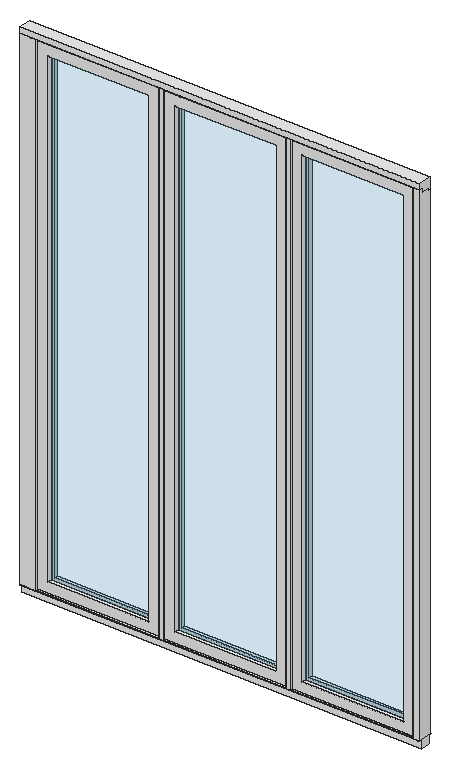
Revit family "98133", category Windows, host Wall, Revit 2018 (continued)
Definition of nested family "Sill_SL-73"
  Definition of nested family "Sill_SL73"
    Lines and regions (in)
      detail lines, in view "Ref. Level"
        curve 783: line (0.55586, 2.56478, 0) -> (0.55586, 2.51002, 0)
        curve 784: line (0.5781, 2.48104, 0) -> (0.68397, 2.45267, 0)
        curve 785: line (0.68397, 2.45267, 0) -> (0.68397, 2.40806, 0)
        curve 786: line (0.68397, 2.40806, 0) -> (0.63597, 2.37445, 0)
        curve 787: line (0.62023, 2.38264, 0) -> (0.62023, 2.40764, 0)
        curve 788: line (0.62023, 2.40764, 0) -> (0.57086, 2.40764, 0)
        curve 789: line (0.57086, 2.40764, 0) -> (0.57086, 2.29102, 0)
        curve 790: line (0.57086, 2.29102, 0) -> (0.66086, 2.29102, 0)
        curve 791: line (0.66086, 2.29102, 0) -> (0.66086, 2.11102, 0)
        curve 792: line (0.66086, 2.11102, 0) -> (0.39662, 2.11102, 0)
        curve 793: line (0.39662, 2.11102, 0) -> (0.33852, 2.16913, 0)
        curve 794: line (-0.93382, 2.61024, 0) -> (-0.8141, 2.63136, 0)
        curve 795: line (-0.82367, 2.68564, 0) -> (-0.94339, 2.66452, 0)
        curve 796: line (-0.83291, 2.87943, 0) -> (-1.11416, 2.82984, 0)
        curve 797: line (-1.11416, 2.82984, 0) -> (-1.14565, 2.77529, 0)
        curve 798: line (-1.14565, 2.77529, 0) -> (-1.06691, 2.77529, 0)
        curve 799: line (-1.06691, 2.77529, 0) -> (-1.06691, 2.67686, 0)
        curve 800: line (-1.06691, 2.67686, 0) -> (-1.09841, 2.67686, 0)
        curve 801: line (-1.09841, 2.67686, 0) -> (-0.85067, 2.20778, 0)
        curve 802: line (-0.79497, 2.2372, 0) -> (-0.9618, 2.55309, 0)
        curve 803: line (-1.06939, 2.69655, 0) -> (-1.06939, 2.73592, 0)
        curve 804: line (-1.06939, 2.73592, 0) -> (-1.06939, 2.69655, 0)
        curve 805: line (-1.06939, 2.47214, 0) -> (-1.06939, 2.4997, 0)
        curve 806: line (-1.06939, 2.4997, 0) -> (-1.06939, 2.47214, 0)
        curve 807: line (-1.1875, 2.48001, 0) -> (-1.1875, 2.71623, 0)
        curve 808: line (-1.1875, 2.71623, 0) -> (-1.10876, 2.71623, 0)
        curve 809: line (-1.10876, 2.71623, 0) -> (-1.10876, 2.67687, 0)
        curve 810: line (-1.10876, 2.67687, 0) -> (-1.08906, 2.67687, 0)
        curve 811: line (-1.08906, 2.67687, 0) -> (-1.10876, 2.67687, 0)
        curve 812: line (-1.10876, 2.67687, 0) -> (-1.10876, 2.71623, 0)
        curve 813: line (-1.10876, 2.71623, 0) -> (-1.1875, 2.71623, 0)
        curve 814: line (-1.1875, 2.71623, 0) -> (-1.1875, 2.48001, 0)
        curve 815: line (-1.1875, 2.48001, 0) -> (-1.10876, 2.48001, 0)
        curve 816: line (-1.10876, 2.48001, 0) -> (-1.10876, 2.51938, 0)
        curve 817: line (-1.10876, 2.51938, 0) -> (-1.08907, 2.51938, 0)
        curve 818: line (-1.08907, 2.51938, 0) -> (-1.10876, 2.51938, 0)
        curve 819: line (-1.10876, 2.51938, 0) -> (-1.10876, 2.48001, 0)
        curve 820: line (-1.10876, 2.48001, 0) -> (-1.1875, 2.48001, 0)
        curve 821: line (-1.40578, 1.95684, 0) -> (-1.40578, 1.98819, 0)
        curve 822: line (-1.40578, 1.98819, 0) -> (-1.40578, 1.95684, 0)
        curve 823: line (-1.47665, 1.98819, 0) -> (-1.47665, 1.97638, 0)
        curve 824: line (-1.47665, 1.97638, 0) -> (-1.47665, 1.98819, 0)
        curve 825: line (-1.51602, 1.93701, 0) -> (-1.51602, 1.92093, 0)
        curve 826: line (-1.51602, 1.92093, 0) -> (-1.51602, 1.93701, 0)
        curve 827: line (-1.63386, 2.70836, 0) -> (-1.63386, 2.09843, 0)
        curve 828: line (-1.63386, 2.09843, 0) -> (-1.63386, 2.70836, 0)
        curve 829: line (-1.63386, 2.70836, 0) -> (-1.22687, 2.70836, 0)
        curve 830: line (-1.22687, 2.70836, 0) -> (-1.22687, 2.47214, 0)
        curve 831: line (-1.22687, 2.47214, 0) -> (-1.22687, 2.70836, 0)
        curve 832: line (-1.22687, 2.70836, 0) -> (-1.63386, 2.70836, 0)
        curve 833: line (-1.08909, 1.84118, 0) -> (-1.08201, 1.87993, 0)
        curve 834: line (-1.08201, 1.87993, 0) -> (-1.08909, 1.84118, 0)
        curve 835: line (-1.12849, 1.88842, 0) -> (-1.13274, 1.86516, 0)
        curve 836: line (-1.13274, 1.86516, 0) -> (-1.38963, 1.93748, 0)
        curve 837: line (-1.38963, 1.93748, 0) -> (-1.13274, 1.86516, 0)
        curve 838: line (-1.13274, 1.86516, 0) -> (-1.12849, 1.88842, 0)
        curve 839: line (-1.7126, 0.47244, 0) -> (-1.7126, 1.98819, 0)
        curve 840: line (-1.7126, 1.98819, 0) -> (-1.7126, 2.77529, 0)
        curve 841: line (-1.7126, 2.77529, 0) -> (-1.10876, 2.77529, 0)
        curve 842: line (-1.10876, 2.77529, 0) -> (-1.7126, 2.77529, 0)
        curve 843: line (-1.7126, 2.77529, 0) -> (-1.7126, 1.98819, 0)
        curve 844: line (-1.7126, 1.98819, 0) -> (-1.67717, 1.98819, 0)
        curve 845: line (-1.67717, 1.98819, 0) -> (-1.7126, 1.98819, 0)
        curve 846: line (-1.65748, 2.00787, 0) -> (-1.49633, 2.00787, 0)
        curve 847: line (-1.49633, 2.00787, 0) -> (-1.65748, 2.00787, 0)
        curve 848: line (-1.49633, 2.07874, 0) -> (-1.61417, 2.07874, 0)
        curve 849: line (-1.61417, 2.07874, 0) -> (-1.49633, 2.07874, 0)
        curve 850: line (-1.1875, 2.43277, 0) -> (-1.10876, 2.43277, 0)
        curve 851: line (-1.10876, 2.43277, 0) -> (-1.1875, 2.43277, 0)
        curve 852: line (-1.49989, 1.9016, 0) -> (-1.1968, 1.82083, 0)
        curve 853: line (-1.1968, 1.82083, 0) -> (-1.49989, 1.9016, 0)
        curve 854: arc (-1.08909, 1.84118, 0) -> (-1.10546, 1.81585, 0) -> (-1.13494, 1.80953, 0) r 0.03937
        curve 855: arc (-1.13494, 1.80953, 0) -> (-1.14063, 1.80841, 0) -> (-1.14401, 1.80369, 0) r 0.00787
        curve 856: arc (0.41339, 0.5315, 0) -> (0.43068, 0.48974, 0) -> (0.47244, 0.47244, 0) r 0.05906
        curve 857: arc (0.79813, 0.78993, 0) -> (0.77785, 0.80549, 0) -> (0.75289, 0.81102, 0) r 0.05906
        curve 858: arc (0.84252, 1.06299, 0) -> (0.94291, 1.05709, 0) -> (1.04331, 1.06299, 0) r 0.8563
        curve 859: arc (0.82489, 1.17568, 0) -> (0.81163, 1.18062, 0) -> (0.80315, 1.16929, 0) r 0.01181
        curve 860: arc (0.80315, 1.06299, 0) -> (0.82045, 1.02123, 0) -> (0.8622, 1.00394, 0) r 0.05906
        curve 861: arc (0.59055, 1.1811, 0) -> (0.58489, 1.17966, 0) -> (0.58062, 1.17568, 0) r 0.01181
        curve 862: arc (0.60236, 1.16929, 0) -> (0.5989, 1.17764, 0) -> (0.59055, 1.1811, 0) r 0.01181
        curve 863: arc (0.54331, 1.00394, 0) -> (0.58507, 1.02123, 0) -> (0.60236, 1.06299, 0) r 0.05906
        curve 864: arc (0.64474, 0.81102, 0) -> (0.61979, 0.80549, 0) -> (0.5995, 0.78993, 0) r 0.05906
        curve 865: arc (0.25591, 1.05512, 0) -> (0.22807, 1.04359, 0) -> (0.21654, 1.01575, 0) r 0.03937
        curve 866: arc (0.21654, 0.98031, 0) -> (0.21999, 0.97196, 0) -> (0.22835, 0.9685, 0) r 0.01181
        curve 867: arc (0.22835, 0.77165, 0) -> (0.21999, 0.76819, 0) -> (0.21654, 0.75984, 0) r 0.01181
        curve 868: arc (0.21654, 0.72441, 0) -> (0.22807, 0.69657, 0) -> (0.25591, 0.68504, 0) r 0.03937
        curve 869: arc (1.04331, 0.47244, 0) -> (0.95279, 0.47835, 0) -> (0.86228, 0.47244, 0) r 0.6966
        curve 870: line (1.04331, 0.47244, 0) -> (1.04331, 1.06299, 0)
        curve 871: line (0.41339, 0.5315, 0) -> (0.41339, 0.68504, 0)
        curve 872: line (0.41339, 0.68504, 0) -> (0.25591, 0.68504, 0)
        curve 873: line (0.86228, 0.47244, 0) -> (0.84646, 0.5315, 0)
        curve 874: line (0.84646, 0.5315, 0) -> (0.98425, 0.5315, 0)
        curve 875: line (0.98425, 0.5315, 0) -> (0.98425, 0.68504, 0)
        curve 876: line (0.98425, 0.68504, 0) -> (0.80906, 0.68504, 0)
        curve 877: line (0.80906, 0.68504, 0) -> (0.75289, 0.75197, 0)
        curve 878: line (0.79813, 0.78993, 0) -> (0.83659, 0.74409, 0)
        curve 879: line (0.83659, 0.74409, 0) -> (0.98425, 0.74409, 0)
        curve 880: line (0.98425, 0.74409, 0) -> (0.98425, 1.00394, 0)
        curve 881: line (0.98425, 1.00394, 0) -> (0.8622, 1.00394, 0)
        curve 882: line (0.84252, 1.06299, 0) -> (0.84252, 1.12992, 0)
        curve 883: line (0.84252, 1.12992, 0) -> (0.85433, 1.12992, 0)
        curve 884: line (0.85433, 1.12992, 0) -> (0.82489, 1.17568, 0)
        curve 885: line (0.80315, 1.16929, 0) -> (0.80315, 1.06299, 0)
        curve 886: line (0.54331, 1.00394, 0) -> (0.47244, 1.00394, 0)
        curve 887: line (0.47244, 1.00394, 0) -> (0.47244, 0.74409, 0)
        curve 888: line (0.47244, 0.74409, 0) -> (0.56104, 0.74409, 0)
        curve 889: line (0.56104, 0.74409, 0) -> (0.5995, 0.78993, 0)
        curve 890: line (0.25591, 1.05512, 0) -> (0.41339, 1.05512, 0)
        curve 891: line (0.41339, 1.05512, 0) -> (0.41339, 1.06299, 0)
        curve 892: line (0.41339, 1.06299, 0) -> (0.56299, 1.06299, 0)
        curve 893: line (0.56299, 1.06299, 0) -> (0.56299, 1.12992, 0)
        curve 894: line (0.56299, 1.12992, 0) -> (0.55118, 1.12992, 0)
        curve 895: line (0.55118, 1.12992, 0) -> (0.58062, 1.17568, 0)
        curve 896: line (0.60236, 1.16929, 0) -> (0.60236, 1.06299, 0)
        curve 897: line (0.47244, 0.47244, 0) -> (0.53536, 0.47244, 0)
        curve 898: line (0.53536, 0.47244, 0) -> (0.55118, 0.5315, 0)
        curve 899: line (0.55118, 0.5315, 0) -> (0.47244, 0.5315, 0)
        curve 900: line (0.47244, 0.5315, 0) -> (0.47244, 0.68504, 0)
        curve 901: line (0.47244, 0.68504, 0) -> (0.58858, 0.68504, 0)
        curve 902: line (0.58858, 0.68504, 0) -> (0.64474, 0.75197, 0)
        curve 903: line (0.64474, 0.75197, 0) -> (0.68518, 0.75197, 0)
        curve 904: line (0.68518, 0.75197, 0) -> (0.69882, 0.75984, 0)
        curve 905: line (0.69882, 0.75984, 0) -> (0.71246, 0.75197, 0)
        curve 906: line (0.71246, 0.75197, 0) -> (0.75289, 0.75197, 0)
        curve 907: line (0.75289, 0.81102, 0) -> (0.64474, 0.81102, 0)
        curve 908: line (0.21654, 1.01575, 0) -> (0.21654, 0.98031, 0)
        curve 909: line (0.21654, 0.72441, 0) -> (0.21654, 0.75984, 0)
        curve 910: line (0.22835, 0.9685, 0) -> (0.25591, 0.9685, 0)
        curve 911: line (0.25591, 0.9685, 0) -> (0.25591, 1.00787, 0)
        curve 912: line (0.25591, 1.00787, 0) -> (0.41339, 1.00787, 0)
        curve 913: line (0.41339, 1.00787, 0) -> (0.41339, 0.73228, 0)
        curve 914: line (0.41339, 0.73228, 0) -> (0.25591, 0.73228, 0)
        curve 915: line (0.25591, 0.73228, 0) -> (0.25591, 0.77165, 0)
        curve 916: line (0.25591, 0.77165, 0) -> (0.22835, 0.77165, 0)
        curve 917: arc (0.89567, 0.55118, 0) -> (0.8899, 0.53726, 0) -> (0.87598, 0.5315, 0) r 0.01969
        curve 918: arc (0.82677, 0.46457, 0) -> (0.79893, 0.4761, 0) -> (0.7874, 0.50394, 0) r 0.03937
        curve 919: arc (0.7874, 0.53543, 0) -> (0.79663, 0.5577, 0) -> (0.8189, 0.56693, 0) r 0.0315
        curve 920: arc (0.87598, 0.65354, 0) -> (0.8899, 0.64778, 0) -> (0.89567, 0.63386, 0) r 0.01969
        curve 921: arc (0.52165, 0.5315, 0) -> (0.50773, 0.53726, 0) -> (0.50197, 0.55118, 0) r 0.01969
        curve 922: arc (0.61024, 0.50394, 0) -> (0.5987, 0.4761, 0) -> (0.57087, 0.46457, 0) r 0.03937
        curve 923: arc (0.57874, 0.56693, 0) -> (0.60101, 0.5577, 0) -> (0.61024, 0.53543, 0) r 0.0315
        curve 924: line (0.87598, 0.65354, 0) -> (0.52165, 0.65354, 0)
        curve 925: line (0.57874, 0.56693, 0) -> (0.55118, 0.56693, 0)
        curve 926: line (0.55118, 0.56693, 0) -> (0.55118, 0.61811, 0)
        curve 927: line (0.55118, 0.61811, 0) -> (0.84646, 0.61811, 0)
        curve 928: line (0.84646, 0.61811, 0) -> (0.84646, 0.56693, 0)
        curve 929: line (0.84646, 0.56693, 0) -> (0.8189, 0.56693, 0)
        curve 930: line (0.89567, 0.63386, 0) -> (0.89567, 0.55118, 0)
        curve 931: line (0.87598, 0.5315, 0) -> (0.83661, 0.5315, 0)
        curve 932: line (0.83661, 0.5315, 0) -> (0.85455, 0.46457, 0)
        curve 933: line (0.85455, 0.46457, 0) -> (0.82677, 0.46457, 0)
        curve 934: line (0.7874, 0.53543, 0) -> (0.7874, 0.50394, 0)
        curve 935: line (0.50197, 0.55118, 0) -> (0.50197, 0.63386, 0)
        curve 936: line (0.57087, 0.46457, 0) -> (0.54309, 0.46457, 0)
        curve 937: line (0.54309, 0.46457, 0) -> (0.56102, 0.5315, 0)
        curve 938: line (0.56102, 0.5315, 0) -> (0.52165, 0.5315, 0)
        curve 939: line (0.61024, 0.50394, 0) -> (0.61024, 0.53543, 0)
        curve 940: arc (0.50197, 0.63386, 0) -> (0.50773, 0.64778, 0) -> (0.52165, 0.65354, 0) r 0.01969
        curve 941: line (0.77643, 2.70454, 0) -> (0.61024, 2.70454, 0)
        curve 942: line (0.76772, 2.77559, 0) -> (0.57087, 2.77559, 0)
Definition of nested family "Header_SL-73"
  Parameters
    half = yes
    system length 1 = 96"
    Height = 120"
    Header = none
    Assembly Code = ""
  Reference planes (in)
    plane 1 "Center (Front/Back)": y = 0
    plane 2: z = 0
    plane 3 "Center (Left/Right)": x = -7.30207
    plane 4 "Left": x = -55.30207
    plane 5 "Right": x = 40.69793
    plane 6 "Top": z = 120
  Forms (in)
    Extrusion 1, solid, material <- "Header"
      sketch origin (-7.30207, -0.03125, 0) x (0, -1, 0) y (0, 0, -1)
        loop
          line (1.54355, -117.44094) -> (1.14985, -117.44094) -> (1.14985, -117.75591) -> (-0.64149, -117.75591) -> (-0.64149, -118.62205) -> (-1.60605, -118.62205) -> (-1.60605, -120) -> (1.54355, -120) -> (1.54355, -117.44094)
      from -48 to 48
  Dimensions and locks (in)
    equal spacing: plane 4 "Left", plane 3 "Center (Left/Right)", plane 5 "Right"
    "system length 1": plane 4 "Left" to plane 5 "Right"
    "Height": plane 6 "Top" to level
    aligned and locked: Extrusion 1 to plane 4 "Left"
    aligned and locked: plane 5 "Right" to Extrusion 1
  Automatic sketch dimensions
    Extrusion 1 sketch curve to plane 6 "Top" = 0"
    Extrusion 1 sketch curve to plane 1 "Center (Front/Back)" = 1.5748"
    Extrusion 1 sketch curve to plane 1 "Center (Front/Back)" = 0.61024"
    plane 1 "Center (Front/Back)" to Extrusion 1 sketch curve = 1.1811"
    plane 1 "Center (Front/Back)" to Extrusion 1 sketch curve = 1.5748"
    Extrusion 1 sketch curve to plane 6 "Top" = 1.37795"
    Extrusion 1 sketch curve to Extrusion 1 sketch curve = 0.86614"
    Extrusion 1 sketch curve to Extrusion 1 sketch curve = 0.31496"
  Nested families (in)
    nested 1: "Head_SL73" at (-55.30207, 0, 118) x (0, 1, 0) z (1, 0, 0), type "Head_SL73"
  Definition of nested family "Head_SL73"
    Parameters
      SmartBIM Object Version = 1  # constant formula
      SmartBIM Object Created By = "Reed Construction Data"  # constant formula
      Hakf = yes
      Assembly Code = ""
      95 CSI = ""
      04 CSI = ""
    Reference planes (in)
      plane 1 "Center (Front/Back)": y = 0
      plane 2: z = 0
      plane 3 "Center (Left/Right)": x = 0
    Lines and regions (in)
      model lines, in view "Ref. Level"
        curve 1: line (0.74016, -2.23228, 0) -> (0.74803, -2.23228, 0)
        curve 2: arc (-0.52059, -1.4619, 0) -> (-0.5315, -1.62205, 0) -> (-0.52059, -1.7822, 0) r 1.1811
        curve 3: arc (0.245, -1.7822, 0) -> (0.25591, -1.62205, 0) -> (0.245, -1.4619, 0) r 1.1811
        curve 4: arc (-0.25591, -1.79921, 0) -> (-0.25523, -1.80431, 0) -> (-0.25327, -1.80906, 0) r 0.01969
        curve 5: arc (-0.52059, -1.7822, 0) -> (-0.51403, -1.79436, 0) -> (-0.50108, -1.79921, 0) r 0.01969
        curve 6: arc (-0.02232, -1.80906, 0) -> (-0.02036, -1.80431, 0) -> (-0.01969, -1.79921, 0) r 0.01969
        curve 7: arc (0.22549, -1.79921, 0) -> (0.23844, -1.79436, 0) -> (0.245, -1.7822, 0) r 0.01969
        curve 8: arc (-0.50108, -1.44488, 0) -> (-0.51403, -1.44973, 0) -> (-0.52059, -1.4619, 0) r 0.01969
        curve 9: arc (0.245, -1.4619, 0) -> (0.23844, -1.44973, 0) -> (0.22549, -1.44488, 0) r 0.01969
        curve 10: line (0.05906, -2.25983, 0) -> (0.27959, -2.36266, 0)
        curve 11: line (-0.50108, -1.79921, 0) -> (0.22549, -1.79921, 0)
        curve 12: line (-0.33465, -2.35827, 0) -> (-0.33465, -1.83858, 0)
        curve 13: line (-0.33465, -1.83858, 0) -> (0.05906, -1.83858, 0)
        curve 14: line (0.05906, -1.83858, 0) -> (0.05906, -2.35827, 0)
        curve 15: line (0.05906, -2.35827, 0) -> (-0.33465, -2.35827, 0)
        curve 16: line (-0.33465, -2.35827, 0) -> (-0.38583, -2.37402, 0)
        curve 17: line (-0.38583, -2.37402, 0) -> (0.10842, -2.37402, 0)
        curve 18: line (0.10842, -2.37402, 0) -> (0.05906, -2.35827, 0)
        curve 19: line (-0.46398, -2.31463, 0) -> (-0.33465, -2.25432, 0)
        curve 20: line (-0.25327, -1.80906, 0) -> (-0.23622, -1.83858, 0)
        curve 21: line (-0.02232, -1.80906, 0) -> (-0.03937, -1.83858, 0)
        curve 22: line (-0.50108, -1.44488, 0) -> (0.22549, -1.44488, 0)
        curve 23: arc (0.84252, -2.00394, 0) -> (0.83675, -1.99002, 0) -> (0.82283, -1.98425, 0) r 0.01969
        curve 24: arc (0.82283, -2.11811, 0) -> (0.83675, -2.11234, 0) -> (0.84252, -2.09843, 0) r 0.01969
        curve 25: arc (0.76378, -2.09843, 0) -> (0.76955, -2.11234, 0) -> (0.78346, -2.11811, 0) r 0.01969
        curve 26: arc (0.75394, -2.14961, 0) -> (0.74976, -2.15134, 0) -> (0.74803, -2.15551, 0) r 0.00591
        curve 27: arc (0.70079, -2.19291, 0) -> (0.71232, -2.22075, 0) -> (0.74016, -2.23228, 0) r 0.03937
        curve 28: arc (0.79826, -2.17467, 0) -> (0.79863, -2.18428, 0) -> (0.80703, -2.18898, 0) r 0.00984
        curve 29: arc (0.63848, -1.70686, 0) -> (0.61284, -1.83193, 0) -> (0.61468, -1.95958, 0) r 0.59055
        curve 30: arc (0.68154, -1.72742, 0) -> (0.65958, -1.83955, 0) -> (0.66157, -1.9538, 0) r 0.54331
        curve 31: arc (0.81881, -1.83251, 0) -> (0.79751, -1.74618, 0) -> (0.74243, -1.67638, 0) r 0.21027
        curve 32: arc (0.61468, -1.95958, 0) -> (0.64101, -1.98014, 0) -> (0.66157, -1.9538, 0) r 0.02362
        curve 33: arc (0.74803, -1.94685, 0) -> (0.74976, -1.95103, 0) -> (0.75394, -1.95276, 0) r 0.00591
        curve 34: arc (0.78346, -1.98425, 0) -> (0.76955, -1.99002, 0) -> (0.76378, -2.00394, 0) r 0.01969
        curve 35: arc (0.75394, -1.83858, 0) -> (0.74976, -1.84031, 0) -> (0.74803, -1.84449, 0) r 0.00591
        curve 36: arc (0.81565, -1.91339, 0) -> (0.80726, -1.91809, 0) -> (0.80688, -1.9277, 0) r 0.00984
        curve 37: arc (0.81291, -1.83858, 0) -> (0.81714, -1.83679, 0) -> (0.81881, -1.83251, 0) r 0.00591
        curve 38: arc (0.74243, -1.67638, 0) -> (0.68237, -1.66406, 0) -> (0.63848, -1.70686, 0) r 0.06544
        curve 39: arc (0.70079, -1.73031, 0) -> (0.69241, -1.72058, 0) -> (0.68154, -1.72742, 0) r 0.00984
        curve 40: arc (-0.82916, -0.65199, 0) -> (-0.7874, -0.66929, 0) -> (-0.74564, -0.65199, 0) r 0.05906
        curve 41: arc (-0.65748, -0.42126, 0) -> (-0.62992, -0.3937, 0) -> (-0.60236, -0.42126, 0) r 0.02756
        curve 42: arc (-0.81496, -0.91325, 0) -> (-0.83367, -0.87013, 0) -> (-0.87795, -0.85433, 0) r 0.05906
        curve 43: arc (-0.87795, -0.65073, 0) -> (-0.8658, -0.63254, 0) -> (-0.84435, -0.63681, 0) r 0.01969
        curve 44: arc (0.13806, -0.14138, 0) -> (0.14266, -0.14661, 0) -> (0.14961, -0.14616, 0) r 0.00787
        curve 45: arc (0.24409, -0.09161, 0) -> (0.25197, -0.09161, 0) -> (0.25591, -0.09843, 0) r 0.00787
        curve 46: arc (0.25591, -0.27953, 0) -> (0.25197, -0.28635, 0) -> (0.24409, -0.28635, 0) r 0.00787
        curve 47: arc (0.14961, -0.23179, 0) -> (0.14173, -0.23179, 0) -> (0.1378, -0.23861, 0) r 0.00787
        curve 48: arc (0.1378, -0.29317, 0) -> (0.14307, -0.31285, 0) -> (0.15748, -0.32726, 0) r 0.03937
        curve 49: arc (0.15748, -0.68849, 0) -> (0.14307, -0.7029, 0) -> (0.1378, -0.72258, 0) r 0.03937
        curve 50: arc (0.1378, -0.77714, 0) -> (0.14173, -0.78395, 0) -> (0.14961, -0.78395, 0) r 0.00787
        curve 51: arc (0.24409, -0.7294, 0) -> (0.25197, -0.7294, 0) -> (0.25591, -0.73622, 0) r 0.00787
        curve 52: arc (0.25591, -0.91732, 0) -> (0.25197, -0.92414, 0) -> (0.24409, -0.92414, 0) r 0.00787
        curve 53: arc (0.14961, -0.86959, 0) -> (0.14266, -0.86913, 0) -> (0.13806, -0.87437, 0) r 0.00787
        curve 54: arc (0.11526, -0.95947, 0) -> (0.11866, -0.97655, 0) -> (0.13427, -0.98425, 0) r 0.01969
        curve 55: arc (0.25591, -1.77559, 0) -> (0.29134, -1.81102, 0) -> (0.32677, -1.77559, 0) r 0.03543
        curve 56: arc (0.39438, -1.56446, 0) -> (0.39828, -1.57185, 0) -> (0.4061, -1.5748, 0) r 0.01181
        curve 57: arc (0.46005, -1.5748, 0) -> (0.46786, -1.57185, 0) -> (0.47177, -1.56446, 0) r 0.01181
        curve 58: arc (0.53937, -1.88189, 0) -> (0.53366, -1.88621, 0) -> (0.5315, -1.89303, 0) r 0.01181
        curve 59: arc (0.5315, -1.91732, 0) -> (0.53496, -1.92567, 0) -> (0.54331, -1.92913, 0) r 0.01181
        curve 60: arc (0.57087, -1.92913, 0) -> (0.5987, -1.9176, 0) -> (0.61024, -1.88976, 0) r 0.03937
        curve 61: arc (0.82908, -0.45045, 0) -> (0.82677, -0.45602, 0) -> (0.82908, -0.46159, 0) r 0.00787
        curve 62: arc (0.74573, -0.46159, 0) -> (0.74803, -0.45602, 0) -> (0.74573, -0.45045, 0) r 0.00787
        curve 63: arc (0.2874, 0, 0) -> (0.26513, -0.00922, 0) -> (0.25591, -0.0315, 0) r 0.0315
        curve 64: arc (0.13427, -0.0315, 0) -> (0.11866, -0.0392, 0) -> (0.11526, -0.05628, 0) r 0.01969
        curve 65: arc (0.74564, -0.65199, 0) -> (0.7874, -0.66929, 0) -> (0.82916, -0.65199, 0) r 0.05906
        curve 66: arc (0.84435, -0.63681, 0) -> (0.8658, -0.63254, 0) -> (0.87795, -0.65073, 0) r 0.01969
        curve 67: arc (0.87795, -0.85433, 0) -> (0.89525, -0.89609, 0) -> (0.93701, -0.91339, 0) r 0.05906
        curve 68: arc (0.97638, -0.91339, 0) -> (1.00422, -0.90185, 0) -> (1.01575, -0.87402, 0) r 0.03937
        curve 69: arc (1.41732, -0.87402, 0) -> (1.42885, -0.90185, 0) -> (1.45669, -0.91339, 0) r 0.03937
        curve 70: arc (1.00394, -1.11024, 0) -> (0.95383, -1.13099, 0) -> (0.93307, -1.1811, 0) r 0.07087
        curve 71: arc (0.61024, -1.30709, 0) -> (0.56013, -1.32784, 0) -> (0.53937, -1.37795, 0) r 0.07087
        curve 72: arc (-0.41591, -0.14961, 0) -> (-0.40606, -0.14697, 0) -> (-0.39886, -0.13976, 0) r 0.01969
        curve 73: arc (0.12327, -0.13976, 0) -> (0.13047, -0.14697, 0) -> (0.14032, -0.14961, 0) r 0.01969
        curve 74: arc (-0.26645, -0.09941, 0) -> (-0.28614, -0.10468, 0) -> (-0.30055, -0.11909, 0) r 0.03937
        curve 75: arc (0.02496, -0.11909, 0) -> (0.01055, -0.10468, 0) -> (-0.00914, -0.09941, 0) r 0.03937
        curve 76: arc (0.25591, -0.11319, 0) -> (0.2536, -0.10762, 0) -> (0.24803, -0.10531, 0) r 0.00787
        curve 77: arc (0.24803, -0.27264, 0) -> (0.2536, -0.27033, 0) -> (0.25591, -0.26476, 0) r 0.00787
        curve 78: arc (0.07667, -0.20866, 0) -> (0.09108, -0.22307, 0) -> (0.11077, -0.22835, 0) r 0.03937
        curve 79: arc (-0.38636, -0.22835, 0) -> (-0.36667, -0.22307, 0) -> (-0.35226, -0.20866, 0) r 0.03937
        curve 80: arc (-0.5315, -0.26476, 0) -> (-0.52919, -0.27033, 0) -> (-0.52362, -0.27264, 0) r 0.00787
        curve 81: arc (-0.52362, -0.10531, 0) -> (-0.52919, -0.10762, 0) -> (-0.5315, -0.11319, 0) r 0.00787
        curve 82: arc (0.06474, -0.03839, 0) -> (0.05753, -0.03118, 0) -> (0.04769, -0.02854, 0) r 0.01969
        curve 83: arc (-0.32328, -0.02854, 0) -> (-0.33312, -0.03118, 0) -> (-0.34033, -0.03839, 0) r 0.01969
        curve 84: arc (0.14032, -0.86614, 0) -> (0.13047, -0.86878, 0) -> (0.12327, -0.87598, 0) r 0.01969
        curve 85: arc (-0.39886, -0.87598, 0) -> (-0.40606, -0.86878, 0) -> (-0.41591, -0.86614, 0) r 0.01969
        curve 86: arc (-0.00914, -0.91634, 0) -> (0.01055, -0.91106, 0) -> (0.02496, -0.89665, 0) r 0.03937
        curve 87: arc (-0.30055, -0.89665, 0) -> (-0.28614, -0.91106, 0) -> (-0.26645, -0.91634, 0) r 0.03937
        curve 88: arc (-0.5315, -0.90256, 0) -> (-0.52919, -0.90813, 0) -> (-0.52362, -0.91043, 0) r 0.00787
        curve 89: arc (-0.52362, -0.74311, 0) -> (-0.52919, -0.74542, 0) -> (-0.5315, -0.75098, 0) r 0.00787
        curve 90: arc (-0.35226, -0.80709, 0) -> (-0.36667, -0.79268, 0) -> (-0.38636, -0.7874, 0) r 0.03937
        curve 91: arc (0.11077, -0.7874, 0) -> (0.09108, -0.79268, 0) -> (0.07667, -0.80709, 0) r 0.03937
        curve 92: arc (0.25591, -0.75098, 0) -> (0.2536, -0.74542, 0) -> (0.24803, -0.74311, 0) r 0.00787
        curve 93: arc (0.24803, -0.91043, 0) -> (0.2536, -0.90813, 0) -> (0.25591, -0.90256, 0) r 0.00787
        curve 94: arc (-0.34033, -0.97736, 0) -> (-0.33312, -0.98457, 0) -> (-0.32328, -0.9872, 0) r 0.01969
        curve 95: arc (0.04769, -0.9872, 0) -> (0.05753, -0.98457, 0) -> (0.06474, -0.97736, 0) r 0.01969
        curve 96: arc (-0.74573, -0.46159, 0) -> (-0.74803, -0.45602, 0) -> (-0.74573, -0.45045, 0) r 0.00787
        curve 97: arc (-0.56299, 0, 0) -> (-0.54072, -0.00922, 0) -> (-0.5315, -0.0315, 0) r 0.0315
        curve 98: arc (-0.40987, -0.0315, 0) -> (-0.39425, -0.0392, 0) -> (-0.39085, -0.05628, 0) r 0.01969
        curve 99: arc (-0.41365, -0.14138, 0) -> (-0.41825, -0.14661, 0) -> (-0.4252, -0.14616, 0) r 0.00787
        curve 100: arc (-0.51969, -0.09161, 0) -> (-0.52756, -0.09161, 0) -> (-0.5315, -0.09843, 0) r 0.00787
        curve 101: arc (-0.5315, -0.27953, 0) -> (-0.52756, -0.28635, 0) -> (-0.51969, -0.28635, 0) r 0.00787
        curve 102: arc (-0.4252, -0.23179, 0) -> (-0.41732, -0.23179, 0) -> (-0.41339, -0.23861, 0) r 0.00787
        curve 103: arc (-0.41339, -0.29317, 0) -> (-0.41866, -0.31285, 0) -> (-0.43307, -0.32726, 0) r 0.03937
        curve 104: arc (-0.43307, -0.68849, 0) -> (-0.41866, -0.7029, 0) -> (-0.41339, -0.72258, 0) r 0.03937
        curve 105: arc (-0.41339, -0.77714, 0) -> (-0.41732, -0.78395, 0) -> (-0.4252, -0.78395, 0) r 0.00787
        curve 106: arc (-0.51969, -0.7294, 0) -> (-0.52756, -0.7294, 0) -> (-0.5315, -0.73622, 0) r 0.00787
        curve 107: arc (-0.5315, -0.91732, 0) -> (-0.52756, -0.92414, 0) -> (-0.51969, -0.92414, 0) r 0.00787
        curve 108: arc (-0.4252, -0.86959, 0) -> (-0.41825, -0.86913, 0) -> (-0.41365, -0.87437, 0) r 0.00787
        curve 109: arc (-0.39085, -0.95947, 0) -> (-0.39425, -0.97655, 0) -> (-0.40987, -0.98425, 0) r 0.01969
        curve 110: arc (-0.5315, -1.77559, 0) -> (-0.56693, -1.81102, 0) -> (-0.60236, -1.77559, 0) r 0.03543
        curve 111: arc (-0.66997, -1.56446, 0) -> (-0.67387, -1.57185, 0) -> (-0.68169, -1.5748, 0) r 0.01181
        curve 112: arc (-0.73564, -1.5748, 0) -> (-0.74345, -1.57185, 0) -> (-0.74736, -1.56446, 0) r 0.01181
        curve 113: arc (-0.81496, -1.88189, 0) -> (-0.80925, -1.88621, 0) -> (-0.80709, -1.89303, 0) r 0.01181
        curve 114: arc (-0.80709, -1.91732, 0) -> (-0.81055, -1.92567, 0) -> (-0.8189, -1.92913, 0) r 0.01181
        curve 115: arc (-0.84646, -1.92913, 0) -> (-0.8743, -1.9176, 0) -> (-0.88583, -1.88976, 0) r 0.03937
        curve 116: arc (-1.42913, -1.91732, 0) -> (-1.38738, -1.93462, 0) -> (-1.37008, -1.97638, 0) r 0.05906
        curve 117: arc (-1.49606, -2.3622, 0) -> (-1.46555, -2.44144, 0) -> (-1.38976, -2.47972, 0) r 0.11811
        curve 118: arc (-1.38976, -2.32283, 0) -> (-1.37247, -2.28108, 0) -> (-1.33071, -2.26378, 0) r 0.05906
        curve 119: arc (-1.27953, -2.26378, 0) -> (-1.25169, -2.27531, 0) -> (-1.24016, -2.30315, 0) r 0.03937
        curve 120: arc (-1.24016, -2.33071, 0) -> (-1.24592, -2.34463, 0) -> (-1.25984, -2.35039, 0) r 0.01969
        curve 121: arc (-1.25984, -2.47244, 0) -> (-1.24592, -2.47821, 0) -> (-1.24016, -2.49213, 0) r 0.01969
        curve 122: arc (-1.37795, -2.55906, 0) -> (-1.51715, -2.5014, 0) -> (-1.5748, -2.3622, 0) r 0.19685
        curve 123: arc (-0.82908, -0.45045, 0) -> (-0.82677, -0.45602, 0) -> (-0.82908, -0.46159, 0) r 0.00787
        curve 124: arc (0.39764, -3.08745, 0) -> (0.40877, -3.08284, 0) -> (0.41339, -3.0717, 0) r 0.01575
        curve 125: arc (0.31942, -3.05047, 0) -> (0.30802, -3.04575, 0) -> (0.2958, -3.04414, 0) r 0.04724
        curve 126: arc (-0.41391, -3.04414, 0) -> (-0.42613, -3.04575, 0) -> (-0.43753, -3.05047, 0) r 0.04724
        curve 127: arc (-0.5315, -3.0717, 0) -> (-0.52688, -3.08284, 0) -> (-0.51575, -3.08745, 0) r 0.01575
        curve 128: arc (-0.51575, -2.9221, 0) -> (-0.52688, -2.92671, 0) -> (-0.5315, -2.93784, 0) r 0.01575
        curve 129: arc (-0.43753, -2.95907, 0) -> (-0.42613, -2.96379, 0) -> (-0.41391, -2.9654, 0) r 0.04724
        curve 130: arc (0.2958, -2.9654, 0) -> (0.30802, -2.96379, 0) -> (0.31942, -2.95907, 0) r 0.04724
        curve 131: arc (0.41339, -2.93784, 0) -> (0.40877, -2.92671, 0) -> (0.39764, -2.9221, 0) r 0.01575
        curve 132: arc (0.39764, -2.49129, 0) -> (0.40877, -2.48668, 0) -> (0.41339, -2.47554, 0) r 0.01575
        curve 133: arc (0.31942, -2.45431, 0) -> (0.30802, -2.44959, 0) -> (0.2958, -2.44798, 0) r 0.04724
        curve 134: arc (-0.41391, -2.44798, 0) -> (-0.42613, -2.44959, 0) -> (-0.43753, -2.45431, 0) r 0.04724
        curve 135: arc (-0.5315, -2.47554, 0) -> (-0.52688, -2.48668, 0) -> (-0.51575, -2.49129, 0) r 0.01575
        curve 136: arc (-0.51575, -2.32594, 0) -> (-0.52688, -2.33055, 0) -> (-0.5315, -2.34168, 0) r 0.01575
        curve 137: arc (-0.43753, -2.36291, 0) -> (-0.42613, -2.36763, 0) -> (-0.41391, -2.36924, 0) r 0.04724
        curve 138: arc (0.2958, -2.36924, 0) -> (0.30802, -2.36763, 0) -> (0.31942, -2.36291, 0) r 0.04724
        curve 139: arc (0.41339, -2.34168, 0) -> (0.40877, -2.33055, 0) -> (0.39764, -2.32594, 0) r 0.01575
        curve 140: arc (-0.43307, -2.90551, 0) -> (-0.45267, -2.85819, 0) -> (-0.5, -2.83858, 0) r 0.06693
        curve 141: arc (-0.44882, -2.94801, 0) -> (-0.44094, -2.95588, 0) -> (-0.43307, -2.94801, 0) r 0.00787
        curve 142: arc (-0.5315, -3.1063, 0) -> (-0.50564, -3.10867, 0) -> (-0.48587, -3.09184, 0) r 0.03346
        curve 143: arc (-0.4735, -3.07875, 0) -> (-0.48064, -3.08439, 0) -> (-0.48587, -3.09184, 0) r 0.0315
        curve 144: arc (-0.45179, -3.05855, 0) -> (-0.45267, -3.06236, 0) -> (-0.45162, -3.06612, 0) r 0.00787
        curve 145: arc (-0.44429, -3.05432, 0) -> (-0.44867, -3.05532, 0) -> (-0.45179, -3.05855, 0) r 0.00787
        curve 146: arc (-0.43719, -3.06014, 0) -> (-0.43981, -3.05609, 0) -> (-0.44429, -3.05432, 0) r 0.00787
        curve 147: arc (-0.42243, -3.11524, 0) -> (-0.41821, -3.12155, 0) -> (-0.41102, -3.12399, 0) r 0.01181
        curve 148: arc (-0.38583, -3.16336, 0) -> (-0.36356, -3.15414, 0) -> (-0.35433, -3.13187, 0) r 0.0315
        curve 149: arc (-0.39173, -3.16336, 0) -> (-0.39625, -3.16426, 0) -> (-0.40008, -3.16682, 0) r 0.01181
        curve 150: arc (-0.41407, -3.17683, 0) -> (-0.41069, -3.17639, 0) -> (-0.40782, -3.17456, 0) r 0.00787
        curve 151: arc (-0.51191, -3.16827, 0) -> (-0.52041, -3.16538, 0) -> (-0.52849, -3.16929, 0) r 0.01181
        curve 152: arc (-0.6811, -3.11024, 0) -> (-0.68735, -3.11332, 0) -> (-0.68871, -3.12015, 0) r 0.00787
        curve 153: arc (-1.11024, -3.6811, 0) -> (-1.05332, -3.82275, 0) -> (-0.91422, -3.88564, 0) r 0.20472
        curve 154: arc (-0.91422, -3.88564, 0) -> (-0.89977, -3.88019, 0) -> (-0.8937, -3.86597, 0) r 0.01969
        curve 155: arc (-0.83465, -3.49213, 0) -> (-0.8764, -3.50942, 0) -> (-0.8937, -3.55118, 0) r 0.05906
        curve 156: arc (-0.70866, -3.53937, 0) -> (-0.7225, -3.50596, 0) -> (-0.75591, -3.49213, 0) r 0.04724
        curve 157: arc (-1.1811, -3.6811, 0) -> (-1.10038, -3.87597, 0) -> (-0.90551, -3.95669, 0) r 0.27559
        curve 158: arc (-1.1811, -2.24409, 0) -> (-1.0894, -2.25, 0) -> (-0.99769, -2.24409, 0) r 0.71502
        curve 159: arc (-0.99213, -2.30315, 0) -> (-0.98588, -2.30007, 0) -> (-0.98452, -2.29324, 0) r 0.00787
        curve 160: arc (-0.68871, -2.29324, 0) -> (-0.68735, -2.30007, 0) -> (-0.6811, -2.30315, 0) r 0.00787
        curve 161: arc (-0.52849, -2.24409, 0) -> (-0.52041, -2.24801, 0) -> (-0.51191, -2.24511, 0) r 0.01181
        curve 162: arc (-0.40782, -2.23883, 0) -> (-0.41069, -2.237, 0) -> (-0.41407, -2.23655, 0) r 0.00787
        curve 163: arc (-0.40008, -2.24656, 0) -> (-0.39625, -2.24912, 0) -> (-0.39173, -2.25002, 0) r 0.01181
        curve 164: arc (-0.35433, -2.28152, 0) -> (-0.36356, -2.25925, 0) -> (-0.38583, -2.25002, 0) r 0.0315
        curve 165: arc (-0.40996, -2.28944, 0) -> (-0.41779, -2.29152, 0) -> (-0.42243, -2.29815, 0) r 0.01181
        curve 166: arc (-0.44429, -2.35906, 0) -> (-0.43981, -2.35729, 0) -> (-0.43719, -2.35324, 0) r 0.00787
        curve 167: arc (-0.45179, -2.35484, 0) -> (-0.44867, -2.35806, 0) -> (-0.44429, -2.35906, 0) r 0.00787
        curve 168: arc (-0.45162, -2.34727, 0) -> (-0.45267, -2.35103, 0) -> (-0.45179, -2.35484, 0) r 0.00787
        curve 169: arc (-0.48587, -2.32154, 0) -> (-0.48064, -2.32899, 0) -> (-0.4735, -2.33464, 0) r 0.0315
        curve 170: arc (-0.48587, -2.32154, 0) -> (-0.50564, -2.30471, 0) -> (-0.5315, -2.30709, 0) r 0.03346
        curve 171: arc (-0.43307, -2.46538, 0) -> (-0.44094, -2.4575, 0) -> (-0.44882, -2.46538, 0) r 0.00787
        curve 172: arc (-0.5, -2.5748, 0) -> (-0.45267, -2.5552, 0) -> (-0.43307, -2.50787, 0) r 0.06693
        curve 173: arc (0.41339, -2.30709, 0) -> (0.38753, -2.30471, 0) -> (0.36776, -2.32154, 0) r 0.03346
        curve 174: arc (0.35538, -2.33464, 0) -> (0.36253, -2.32899, 0) -> (0.36776, -2.32154, 0) r 0.0315
        curve 175: arc (0.31908, -2.35324, 0) -> (0.3218, -2.35737, 0) -> (0.32644, -2.35907, 0) r 0.00787
        curve 176: arc (0.32644, -2.35907, 0) -> (0.33077, -2.35794, 0) -> (0.33379, -2.35462, 0) r 0.00787
        curve 177: arc (0.33379, -2.35462, 0) -> (0.33456, -2.35091, 0) -> (0.33351, -2.34727, 0) r 0.00787
        curve 178: arc (0.30432, -2.29815, 0) -> (0.3001, -2.29183, 0) -> (0.29291, -2.28939, 0) r 0.01181
        curve 179: arc (0.26772, -2.25002, 0) -> (0.24545, -2.25925, 0) -> (0.23622, -2.28152, 0) r 0.0315
        curve 180: arc (0.27362, -2.25002, 0) -> (0.27814, -2.24912, 0) -> (0.28197, -2.24656, 0) r 0.01181
        curve 181: arc (0.29596, -2.23655, 0) -> (0.29258, -2.237, 0) -> (0.28971, -2.23883, 0) r 0.00787
        curve 182: arc (0.3938, -2.24511, 0) -> (0.4023, -2.24801, 0) -> (0.41038, -2.24409, 0) r 0.01181
        curve 183: arc (0.49213, -2.28346, 0) -> (0.48059, -2.25563, 0) -> (0.45276, -2.24409, 0) r 0.03937
        curve 184: arc (0.76772, -2.14961, 0) -> (0.7538, -2.15537, 0) -> (0.74803, -2.16929, 0) r 0.01969
        curve 185: arc (0.74803, -1.93307, 0) -> (0.7538, -1.94699, 0) -> (0.76772, -1.95276, 0) r 0.01969
        curve 186: arc (0.7874, -1.84646, 0) -> (0.75956, -1.85799, 0) -> (0.74803, -1.88583, 0) r 0.03937
        curve 187: arc (0.98082, -1.66128, 0) -> (0.95523, -1.6739, 0) -> (0.94488, -1.7005, 0) r 0.03937
        curve 188: arc (1.0748, -1.7126, 0) -> (1.08105, -1.70952, 0) -> (1.08241, -1.70269, 0) r 0.00787
        curve 189: arc (1.37822, -1.70269, 0) -> (1.37958, -1.70952, 0) -> (1.38583, -1.7126, 0) r 0.00787
        curve 190: arc (1.39139, -1.65354, 0) -> (1.4831, -1.65945, 0) -> (1.5748, -1.65354, 0) r 0.71502
        curve 191: arc (0.81496, -3.11024, 0) -> (0.80871, -3.11332, 0) -> (0.80735, -3.12015, 0) r 0.00787
        curve 192: arc (0.5706, -3.12015, 0) -> (0.56924, -3.11332, 0) -> (0.56299, -3.11024, 0) r 0.00787
        curve 193: arc (0.41038, -3.16929, 0) -> (0.4023, -3.16538, 0) -> (0.3938, -3.16827, 0) r 0.01181
        curve 194: arc (0.28971, -3.17456, 0) -> (0.29258, -3.17639, 0) -> (0.29596, -3.17683, 0) r 0.00787
        curve 195: arc (0.28197, -3.16682, 0) -> (0.27814, -3.16426, 0) -> (0.27362, -3.16336, 0) r 0.01181
        curve 196: arc (0.23622, -3.13187, 0) -> (0.24545, -3.15414, 0) -> (0.26772, -3.16336, 0) r 0.0315
        curve 197: arc (0.29291, -3.12399, 0) -> (0.3001, -3.12155, 0) -> (0.30432, -3.11524, 0) r 0.01181
        curve 198: arc (0.32644, -3.05431, 0) -> (0.3218, -3.05601, 0) -> (0.31908, -3.06014, 0) r 0.00787
        curve 199: arc (0.33379, -3.05877, 0) -> (0.33077, -3.05545, 0) -> (0.32644, -3.05431, 0) r 0.00787
        curve 200: arc (0.33351, -3.06612, 0) -> (0.33456, -3.06248, 0) -> (0.33379, -3.05877, 0) r 0.00787
        curve 201: arc (0.36776, -3.09184, 0) -> (0.36253, -3.08439, 0) -> (0.35538, -3.07875, 0) r 0.0315
        curve 202: arc (0.36776, -3.09184, 0) -> (0.38753, -3.10867, 0) -> (0.41339, -3.1063, 0) r 0.03346
        curve 203: arc (0.32677, -2.95483, 0) -> (0.32965, -2.95195, 0) -> (0.33071, -2.94801, 0) r 0.00787
        curve 204: arc (0.31496, -2.94801, 0) -> (0.3189, -2.95483, 0) -> (0.32677, -2.95483, 0) r 0.00787
        curve 205: arc (0.38189, -2.83858, 0) -> (0.33456, -2.85819, 0) -> (0.31496, -2.90551, 0) r 0.06693
        curve 206: arc (0.31496, -2.50787, 0) -> (0.33456, -2.5552, 0) -> (0.38189, -2.5748, 0) r 0.06693
        curve 207: arc (0.33071, -2.46538, 0) -> (0.32965, -2.46144, 0) -> (0.32677, -2.45856, 0) r 0.00787
        curve 208: arc (0.32677, -2.45856, 0) -> (0.3189, -2.45856, 0) -> (0.31496, -2.46538, 0) r 0.00787
        curve 209: arc (1.46457, -2.43701, 0) -> (1.43673, -2.44854, 0) -> (1.4252, -2.47638, 0) r 0.03937
        curve 210: arc (0.94488, -2.25591, 0) -> (0.99221, -2.2363, 0) -> (1.01181, -2.18898, 0) r 0.06693
        curve 211: arc (0.74803, -2.50394, 0) -> (0.79536, -2.48433, 0) -> (0.81496, -2.43701, 0) r 0.06693
        curve 212: arc (-1.1811, -2.24409, 0) -> (-1.0894, -2.25, 0) -> (-0.99769, -2.24409, 0) r 0.71502
        curve 213: arc (-1.33071, -2.26378, 0) -> (-1.37247, -2.28108, 0) -> (-1.38976, -2.32283, 0) r 0.05906
        curve 214: arc (-1.24016, -2.30315, 0) -> (-1.25169, -2.27531, 0) -> (-1.27953, -2.26378, 0) r 0.03937
        curve 215: arc (-1.25984, -2.35039, 0) -> (-1.24592, -2.34463, 0) -> (-1.24016, -2.33071, 0) r 0.01969
        curve 216: arc (-1.24016, -2.49213, 0) -> (-1.24592, -2.47821, 0) -> (-1.25984, -2.47244, 0) r 0.01969
        curve 217: arc (-0.70866, -3.53937, 0) -> (-0.7225, -3.50596, 0) -> (-0.75591, -3.49213, 0) r 0.04724
        curve 218: arc (-0.47631, -3.35023, 0) -> (-0.47192, -3.36084, 0) -> (-0.47631, -3.37145, 0) r 0.015
        curve 219: arc (-0.53003, -3.42516, 0) -> (-0.53442, -3.43576, 0) -> (-0.53003, -3.44637, 0) r 0.015
        curve 220: arc (-0.47631, -3.50008, 0) -> (-0.47192, -3.51069, 0) -> (-0.47631, -3.5213, 0) r 0.015
        curve 221: arc (-0.53003, -3.57501, 0) -> (-0.53442, -3.58562, 0) -> (-0.53003, -3.59622, 0) r 0.015
        curve 222: arc (-0.47631, -3.64994, 0) -> (-0.47192, -3.66054, 0) -> (-0.47631, -3.67115, 0) r 0.015
        curve 223: arc (-0.53003, -3.72486, 0) -> (-0.53442, -3.73547, 0) -> (-0.53003, -3.74608, 0) r 0.015
        curve 224: arc (-0.47631, -3.79979, 0) -> (-0.47192, -3.8104, 0) -> (-0.47631, -3.821, 0) r 0.015
        curve 225: arc (-0.53003, -3.87472, 0) -> (-0.53442, -3.88532, 0) -> (-0.53003, -3.89593, 0) r 0.015
        curve 226: arc (-0.47631, -3.94964, 0) -> (-0.47192, -3.96025, 0) -> (-0.47631, -3.97086, 0) r 0.015
        curve 227: arc (-0.53003, -4.02457, 0) -> (-0.53442, -4.03518, 0) -> (-0.53003, -4.04578, 0) r 0.015
        curve 228: arc (-0.46131, -4.1145, 0) -> (-0.45901, -4.13275, 0) -> (-0.47613, -4.1395, 0) r 0.015
        curve 229: arc (-0.78693, -4.05038, 0) -> (-0.80262, -4.0396, 0) -> (-0.80866, -4.02154, 0) r 0.03
        curve 230: arc (-0.75803, -3.87327, 0) -> (-0.76341, -3.88214, 0) -> (-0.77376, -3.88146, 0) r 0.01
        curve 231: arc (-0.71589, -3.77486, 0) -> (-0.69986, -3.76414, 0) -> (-0.69366, -3.74588, 0) r 0.03
        curve 232: arc (-0.69366, -3.69112, 0) -> (-0.69986, -3.67286, 0) -> (-0.71589, -3.66215, 0) r 0.03
        curve 233: arc (-0.77376, -3.55555, 0) -> (-0.76341, -3.55487, 0) -> (-0.75803, -3.56374, 0) r 0.01
        curve 234: arc (0.79603, -3.79135, 0) -> (0.82455, -3.76988, 0) -> (0.824, -3.73419, 0) r 0.03937
        curve 235: arc (0.68534, -3.99039, 0) -> (0.77537, -3.95011, 0) -> (0.82378, -3.86418, 0) r 0.15748
        curve 236: arc (0.82378, -3.86418, 0) -> (0.81958, -3.85011, 0) -> (0.8056, -3.84563, 0) r 0.01575
        curve 237: arc (0.68534, -3.99039, 0) -> (0.65387, -4.03053, 0) -> (0.69511, -4.06054, 0) r 0.03543
        curve 238: arc (0.6763, -3.81246, 0) -> (0.65395, -3.84438, 0) -> (0.68587, -3.86674, 0) r 0.02756
        curve 239: arc (0.71287, -3.38888, 0) -> (0.67031, -3.37574, 0) -> (0.65717, -3.4183, 0) r 0.0315
        curve 240: arc (1.47638, -3.25984, 0) -> (1.4903, -3.26561, 0) -> (1.49606, -3.27953, 0) r 0.01969
        curve 241: arc (1.35854, -3.25984, 0) -> (1.29451, -3.23332, 0) -> (1.26799, -3.16929, 0) r 0.09055
        curve 242: arc (1.25184, -3.11858, 0) -> (1.26342, -3.12534, 0) -> (1.26799, -3.13794, 0) r 0.01969
        curve 243: arc (0.9907, -3.06952, 0) -> (0.96321, -3.08852, 0) -> (0.94422, -3.06104, 0) r 0.02362
        curve 244: arc (0.9513, -3.02229, 0) -> (0.96766, -2.99696, 0) -> (0.99715, -2.99064, 0) r 0.03937
        curve 245: arc (1.00621, -2.98479, 0) -> (1.00284, -2.98951, 0) -> (0.99715, -2.99064, 0) r 0.00787
        curve 246: arc (1.00621, -2.98479, 0) -> (1.03338, -2.96724, 0) -> (1.0526, -2.99326, 0) r 0.02362
        curve 247: arc (1.059, -3.00193, 0) -> (1.05408, -2.99886, 0) -> (1.0526, -2.99326, 0) r 0.00787
        curve 248: arc (1.36209, -3.0827, 0) -> (1.37366, -3.08944, 0) -> (1.37822, -3.10203, 0) r 0.01965
        curve 249: arc (1.37822, -3.11811, 0) -> (1.37246, -3.13203, 0) -> (1.35854, -3.1378, 0) r 0.01969
        curve 250: arc (1.33885, -3.15748, 0) -> (1.34462, -3.14356, 0) -> (1.35854, -3.1378, 0) r 0.01969
        curve 251: arc (1.35854, -3.18898, 0) -> (1.34462, -3.18321, 0) -> (1.33885, -3.16929, 0) r 0.01969
        curve 252: arc (1.51969, -3.18898, 0) -> (1.52545, -3.17506, 0) -> (1.53937, -3.16929, 0) r 0.01969
        curve 253: arc (0.97096, -3.95639, 0) -> (0.94312, -3.94486, 0) -> (0.93159, -3.91702, 0) r 0.03937
        curve 254: arc (0.93159, -3.87765, 0) -> (0.93736, -3.86373, 0) -> (0.95128, -3.85797, 0) r 0.01968
        curve 255: arc (0.95128, -3.70049, 0) -> (0.93736, -3.69472, 0) -> (0.93159, -3.6808, 0) r 0.01969
        curve 256: arc (0.93159, -3.65324, 0) -> (0.94312, -3.6254, 0) -> (0.97096, -3.61387, 0) r 0.03937
        curve 257: arc (1.0497, -3.61387, 0) -> (1.07754, -3.6254, 0) -> (1.08907, -3.65324, 0) r 0.03937
        curve 258: arc (1.00621, -2.98479, 0) -> (1.03338, -2.96724, 0) -> (1.0526, -2.99326, 0) r 0.02362
        curve 259: arc (1.0526, -2.99326, 0) -> (1.05408, -2.99886, 0) -> (1.059, -3.00193, 0) r 0.00787
        curve 260: arc (1.36209, -3.0827, 0) -> (1.37367, -3.08945, 0) -> (1.37822, -3.10204, 0) r 0.01965
        curve 261: arc (1.37822, -3.11811, 0) -> (1.37246, -3.13203, 0) -> (1.35854, -3.1378, 0) r 0.01969
        curve 262: arc (1.35854, -3.1378, 0) -> (1.34462, -3.14356, 0) -> (1.33885, -3.15748, 0) r 0.01969
        curve 263: arc (1.33885, -3.16929, 0) -> (1.34462, -3.18321, 0) -> (1.35854, -3.18898, 0) r 0.01969
        curve 264: arc (1.51969, -3.18898, 0) -> (1.52545, -3.17506, 0) -> (1.53937, -3.16929, 0) r 0.01969
        curve 265: arc (0.97096, -3.95639, 0) -> (0.94312, -3.94486, 0) -> (0.93159, -3.91702, 0) r 0.03937
        curve 266: arc (0.93159, -3.87765, 0) -> (0.93736, -3.86373, 0) -> (0.95128, -3.85797, 0) r 0.01968
        curve 267: arc (0.95128, -3.70049, 0) -> (0.93736, -3.69472, 0) -> (0.93159, -3.6808, 0) r 0.01969
        curve 268: arc (0.93159, -3.65324, 0) -> (0.94312, -3.6254, 0) -> (0.97096, -3.61387, 0) r 0.03937
        curve 269: arc (1.0497, -3.61387, 0) -> (1.07754, -3.6254, 0) -> (1.08907, -3.65324, 0) r 0.03937
        curve 270: arc (1.49606, -3.27953, 0) -> (1.4903, -3.26561, 0) -> (1.47638, -3.25984, 0) r 0.01969
        curve 271: arc (1.35854, -3.25984, 0) -> (1.29451, -3.23332, 0) -> (1.26799, -3.16929, 0) r 0.09055
        curve 272: arc (1.26799, -3.13794, 0) -> (1.26342, -3.12534, 0) -> (1.25184, -3.11858, 0) r 0.01969
        curve 273: arc (0.9907, -3.06952, 0) -> (0.96321, -3.08852, 0) -> (0.94422, -3.06104, 0) r 0.02362
        curve 274: line (0.80703, -2.18898, 0) -> (0.82025, -2.18725, 0)
        curve 275: line (0.82025, -2.18725, 0) -> (0.87622, -2.13128, 0)
        curve 276: line (0.87622, -2.13128, 0) -> (0.87795, -1.96664, 0)
        curve 277: line (0.87795, -1.96664, 0) -> (0.82888, -1.91512, 0)
        curve 278: line (0.82888, -1.91512, 0) -> (0.81565, -1.91339, 0)
        curve 279: line (0.70079, -1.73031, 0) -> (0.70079, -2.19291, 0)
        curve 280: line (0.74803, -2.23228, 0) -> (0.74803, -2.15551, 0)
        curve 281: line (0.74803, -2.15551, 0) -> (0.81102, -2.14961, 0)
        curve 282: line (0.81102, -2.14961, 0) -> (0.79826, -2.17467, 0)
        curve 283: line (0.82283, -2.11811, 0) -> (0.78346, -2.11811, 0)
        curve 284: line (0.80688, -1.9277, 0) -> (0.81965, -1.95276, 0)
        curve 285: line (0.81965, -1.95276, 0) -> (0.75394, -1.95276, 0)
        curve 286: line (0.75394, -1.95276, 0) -> (0.74803, -1.84449, 0)
        curve 287: line (0.74803, -1.84449, 0) -> (0.81291, -1.83858, 0)
        curve 288: line (0.78346, -1.98425, 0) -> (0.82283, -1.98425, 0)
        curve 289: line (0.76378, -2.09843, 0) -> (0.76378, -2.00394, 0)
        curve 290: line (0.84252, -2.00394, 0) -> (0.84252, -2.09843, 0)
        curve 291: line (-0.93701, -0.26772, 0) -> (-0.93701, -0.85433, 0)
        curve 292: line (-0.93701, -0.85433, 0) -> (-1.49606, -0.85433, 0)
        curve 293: line (-1.49606, -0.85433, 0) -> (-1.49606, -0.26772, 0)
        curve 294: line (-1.49606, -0.26772, 0) -> (-0.93701, -0.26772, 0)
        curve 295: line (-0.74564, -0.65199, 0) -> (-0.65748, -0.56383, 0)
        curve 296: line (-0.65748, -0.56383, 0) -> (-0.65748, -0.42126, 0)
        curve 297: line (-0.60236, -0.42126, 0) -> (-0.60236, -1.4252, 0)
        curve 298: line (-0.60236, -1.4252, 0) -> (-0.81496, -1.4252, 0)
        curve 299: line (-0.81496, -1.4252, 0) -> (-0.81496, -0.91325, 0)
        curve 300: line (-0.87795, -0.85433, 0) -> (-0.87795, -0.65073, 0)
        curve 301: line (-0.84435, -0.63681, 0) -> (-0.82916, -0.65199, 0)
        curve 302: line (0.11526, -0.05628, 0) -> (0.13806, -0.14138, 0)
        curve 303: line (0.14032, -0.14961, 0) -> (0.14961, -0.14616, 0)
        curve 304: line (0.14961, -0.14616, 0) -> (0.24409, -0.09161, 0)
        curve 305: line (0.25591, -0.09843, 0) -> (0.25591, -0.27953, 0)
        curve 306: line (0.24409, -0.28635, 0) -> (0.14961, -0.23179, 0)
        curve 307: line (0.14961, -0.23179, 0) -> (0.11077, -0.22835, 0)
        curve 308: line (0.1378, -0.23861, 0) -> (0.1378, -0.29317, 0)
        curve 309: line (0.15748, -0.32726, 0) -> (0.25591, -0.38409, 0)
        curve 310: line (0.25591, -0.38409, 0) -> (0.25591, -0.63166, 0)
        curve 311: line (0.25591, -0.63166, 0) -> (0.15748, -0.68849, 0)
        curve 312: line (0.1378, -0.72258, 0) -> (0.1378, -0.77714, 0)
        curve 313: line (0.11077, -0.7874, 0) -> (0.14961, -0.78395, 0)
        curve 314: line (0.14961, -0.78395, 0) -> (0.24409, -0.7294, 0)
        curve 315: line (0.25591, -0.73622, 0) -> (0.25591, -0.91732, 0)
        curve 316: line (0.24409, -0.92414, 0) -> (0.14961, -0.86959, 0)
        curve 317: line (0.14961, -0.86959, 0) -> (0.14032, -0.86614, 0)
        curve 318: line (0.13806, -0.87437, 0) -> (0.11526, -0.95947, 0)
        curve 319: line (0.13427, -0.98425, 0) -> (0.25591, -0.98425, 0)
        curve 320: line (0.25591, -0.98425, 0) -> (0.25591, -1.77559, 0)
        curve 321: line (0.32677, -1.77559, 0) -> (0.32677, -1.49606, 0)
        curve 322: line (0.32677, -1.49606, 0) -> (0.38583, -1.49606, 0)
        curve 323: line (0.38583, -1.49606, 0) -> (0.39438, -1.56446, 0)
        curve 324: line (0.4061, -1.5748, 0) -> (0.46005, -1.5748, 0)
        curve 325: line (0.47177, -1.56446, 0) -> (0.48031, -1.49606, 0)
        curve 326: line (0.48031, -1.49606, 0) -> (0.53937, -1.49606, 0)
        curve 327: line (0.53937, -1.49606, 0) -> (0.53937, -1.88189, 0)
        curve 328: line (0.5315, -1.89303, 0) -> (0.5315, -1.91732, 0)
        curve 329: line (0.54331, -1.92913, 0) -> (0.57087, -1.92913, 0)
        curve 330: line (0.61024, -1.88976, 0) -> (0.61024, -1.37795, 0)
        curve 331: line (0.61024, -1.37795, 0) -> (1.06685, -1.37795, 0)
        curve 332: line (1.06685, -1.37795, 0) -> (1.08268, -1.3189, 0)
        curve 333: line (1.08268, -1.3189, 0) -> (1.00394, -1.3189, 0)
        curve 334: line (1.00394, -1.3189, 0) -> (1.00394, -1.1811, 0)
        curve 335: line (1.00394, -1.1811, 0) -> (1.20986, -1.1811, 0)
        curve 336: line (1.20986, -1.1811, 0) -> (1.23031, -1.16929, 0)
        curve 337: line (1.23031, -1.16929, 0) -> (1.25077, -1.1811, 0)
        curve 338: line (1.25077, -1.1811, 0) -> (1.50394, -1.1811, 0)
        curve 339: line (1.50394, -1.1811, 0) -> (1.50394, -1.3189, 0)
        curve 340: line (1.50394, -1.3189, 0) -> (1.37795, -1.3189, 0)
        curve 341: line (1.37795, -1.3189, 0) -> (1.39378, -1.37795, 0)
        curve 342: line (1.39378, -1.37795, 0) -> (1.5748, -1.37795, 0)
        curve 343: line (1.5748, -1.37795, 0) -> (1.5748, 0, 0)
        curve 344: line (1.5748, 0, 0) -> (1.43315, 0, 0)
        curve 345: line (1.43315, 0, 0) -> (1.41732, -0.05906, 0)
        curve 346: line (1.41732, -0.05906, 0) -> (1.49606, -0.05906, 0)
        curve 347: line (1.49606, -0.05906, 0) -> (1.49606, -0.19685, 0)
        curve 348: line (1.49606, -0.19685, 0) -> (1.24093, -0.19685, 0)
        curve 349: line (1.24093, -0.19685, 0) -> (1.22047, -0.20866, 0)
        curve 350: line (1.22047, -0.20866, 0) -> (1.20002, -0.19685, 0)
        curve 351: line (1.20002, -0.19685, 0) -> (0.94488, -0.19685, 0)
        curve 352: line (0.94488, -0.19685, 0) -> (0.94488, -0.05906, 0)
        curve 353: line (0.94488, -0.05906, 0) -> (1.02362, -0.05906, 0)
        curve 354: line (1.02362, -0.05906, 0) -> (1.0078, 0, 0)
        curve 355: line (1.0078, 0, 0) -> (0.90945, 0, 0)
        curve 356: line (0.90945, 0, 0) -> (0.85827, -0.05118, 0)
        curve 357: line (0.85827, -0.05723, 0) -> (0.88189, -0.07087, 0)
        curve 358: line (0.88189, -0.07087, 0) -> (0.85827, -0.0845, 0)
        curve 359: line (0.85827, -0.0845, 0) -> (0.85827, -0.12022, 0)
        curve 360: line (0.85827, -0.12022, 0) -> (0.88189, -0.13386, 0)
        curve 361: line (0.88189, -0.13386, 0) -> (0.85827, -0.1475, 0)
        curve 362: line (0.85827, -0.1475, 0) -> (0.85827, -0.18321, 0)
        curve 363: line (0.85827, -0.18321, 0) -> (0.88189, -0.19685, 0)
        curve 364: line (0.88189, -0.19685, 0) -> (0.85827, -0.21049, 0)
        curve 365: line (0.85827, -0.21049, 0) -> (0.85827, -0.2462, 0)
        curve 366: line (0.85827, -0.2462, 0) -> (0.88189, -0.25984, 0)
        curve 367: line (0.88189, -0.25984, 0) -> (0.85827, -0.27348, 0)
        curve 368: line (0.85827, -0.27348, 0) -> (0.85827, -0.3092, 0)
        curve 369: line (0.85827, -0.3092, 0) -> (0.88189, -0.32283, 0)
        curve 370: line (0.88189, -0.32283, 0) -> (0.85827, -0.33647, 0)
        curve 371: line (0.85827, -0.33647, 0) -> (0.85827, -0.37219, 0)
        curve 372: line (0.85827, -0.37219, 0) -> (0.88189, -0.38583, 0)
        curve 373: line (0.88189, -0.38583, 0) -> (0.85827, -0.39946, 0)
        curve 374: line (0.85827, -0.39946, 0) -> (0.85827, -0.42126, 0)
        curve 375: line (0.85827, -0.42126, 0) -> (0.82908, -0.45045, 0)
        curve 376: line (0.82908, -0.46159, 0) -> (0.85827, -0.49078, 0)
        curve 377: line (0.85827, -0.49078, 0) -> (0.85827, -0.53937, 0)
        curve 378: line (0.85827, -0.53937, 0) -> (0.7874, -0.61024, 0)
        curve 379: line (0.7874, -0.61024, 0) -> (0.71654, -0.53937, 0)
        curve 380: line (0.71654, -0.53937, 0) -> (0.71654, -0.49078, 0)
        curve 381: line (0.71654, -0.49078, 0) -> (0.74573, -0.46159, 0)
        curve 382: line (0.74573, -0.45045, 0) -> (0.71654, -0.42126, 0)
        curve 383: line (0.71654, -0.42126, 0) -> (0.71654, -0.36797, 0)
        curve 384: line (0.71654, -0.36797, 0) -> (0.69291, -0.35433, 0)
        curve 385: line (0.69291, -0.35433, 0) -> (0.71654, -0.34069, 0)
        curve 386: line (0.71654, -0.34069, 0) -> (0.71654, -0.30498, 0)
        curve 387: line (0.71654, -0.30498, 0) -> (0.69291, -0.29134, 0)
        curve 388: line (0.69291, -0.29134, 0) -> (0.71654, -0.2777, 0)
        curve 389: line (0.71654, -0.2777, 0) -> (0.71654, -0.24198, 0)
        curve 390: line (0.71654, -0.24198, 0) -> (0.69291, -0.22835, 0)
        curve 391: line (0.69291, -0.22835, 0) -> (0.71654, -0.21471, 0)
        curve 392: line (0.71654, -0.21471, 0) -> (0.71654, -0.17899, 0)
        curve 393: line (0.71654, -0.17899, 0) -> (0.69291, -0.16535, 0)
        curve 394: line (0.69291, -0.16535, 0) -> (0.71654, -0.15172, 0)
        curve 395: line (0.71654, -0.15172, 0) -> (0.71654, -0.116, 0)
        curve 396: line (0.71654, -0.116, 0) -> (0.69291, -0.10236, 0)
        curve 397: line (0.69291, -0.10236, 0) -> (0.71654, -0.08872, 0)
        curve 398: line (0.71654, -0.08872, 0) -> (0.71654, -0.05118, 0)
        curve 399: line (0.71654, -0.05118, 0) -> (0.66535, 0, 0)
        curve 400: line (0.66535, 0, 0) -> (0.2874, 0, 0)
        curve 401: line (0.25591, -0.0315, 0) -> (0.13427, -0.0315, 0)
        curve 402: line (0.82916, -0.65199, 0) -> (0.84435, -0.63681, 0)
